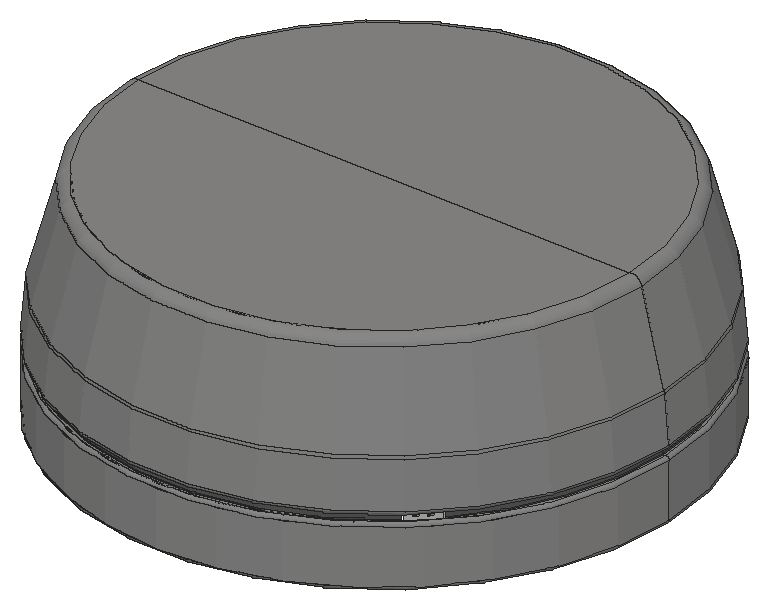
Revit family "Seating-Medium_CAL133-Teknion-STBCJ_With_USB_Qui-R2014", category Furniture, Revit 2014
Parameters (values of type "Medium With USB")
  Width = 44.500"
  Warranty = "http://www.teknionstudio.com/pdfs/Teknion%20Studio%20Warranty.pdf"
  Voltage = 125 V
  Unit Weight = 155.00 lbf
  URL = "www.teknionstudio.com"
  Top Upholstery Finish [instance] = Fabric - Teknion - F206 - Full Wool - Fantasme
  Thread Finish [instance] = Thread - Teknion - Black
  Series = "Studio"
  Product Line = "Qui"
  Product Documentation Link = "http://www.teknionstudio.com/pricing/STBCJ_ppg.pdf"
  Power Factor = 1
  Part Number = "STBCJ"
  Number of Poles = 1
  No Casters = no
  Model = "STBCJ6"
  Mid Upholstery Finish [instance] = Fabric - Teknion - F212 - Full Wool - Ink
  Manufacturer Phone = "919-464-2920"
  Manufacturer Fax = "919-464-2927"
  Manufacturer Email = "customersupport@teknionstudio.com"
  Manufacturer Address = "3941 US 70 Business HWY West, Clayton, NC 27520"
  Manufacturer = "Studio TK"
  Low Emitting Material = yes
  Low Emitting Finish = yes
  Height = 17.3001"
  Designation = "CAL 133"  # constant formula
  Description = "Qui Large Ottoman - Upholstered Mid Panel - CAL 133, w/USB Power - 44.5\"dia x 18\"h / 113cm x 46cm"
  Depth = 44.500"
  Connector Description = "Power Connector"
  Base Upholstery Finish [instance] = Fabric - Teknion - F206 - Full Wool - Fantasme
  Assembly Code = "E2020200"
  Apparent Load = 1250 VA
Reference planes (in)
  plane 1 "Center F/B": y = 0
  plane 2: z = 0
  plane 3 "Center L/R": x = 0
  plane 4 "Left": x = -22.25
  plane 5 "Right": x = 22.25
  plane 6 "Back": y = 22.25
  plane 7 "Front": y = -22.25
  plane 8 "Top": z = 17.3001
  plane 9 "Mid Top": z = 5.99
  plane 10 "Mid Bottom": z = 5.4351
  plane 11 "Bottom": z = 0.75
  plane 12: y = -10.5
  plane 13: through (0, 0, 48) normal (-0.5, 0.866, 0)
  plane 14: through (0, 0, 48) normal (0.5, 0.866, 0)
  plane 15 "Wheel Mid Plane": z = 1.19
  plane 16 "Thread 2": z = 16.6501
  plane 17 "Thread 3": x = -0.325
  plane 18 "Thread 4": x = 0.325
  plane 19: x = -3.725
  plane 20: x = 3.725
Forms (in)
  Revolve 1, solid, material "Fabric - Teknion - F206 - Full Wool - Fantasme" <- "Base Upholstery Finish"
    sketch origin (0, 0, 0) x (1, 0, 0) y (0, 0, 1)
      loop
        line (0, 5.4351) -> (-22, 5.4351)
        arc (-22, 5.4351) -> (-22.17678, 5.36188) -> (-22.25, 5.1851) r 0.25
        line (-22.25, 5.1851) -> (-22.25, 1)
        arc (-22.25, 1) -> (-22.17678, 0.82322) -> (-22, 0.75) r 0.25
        line (-22, 0.75) -> (0, 0.75) -> (0, 5.4351)
      axis (0, 5.4351) -> (0, 0.75)
    angle from 0 to 360
  Revolve 2, solid, material "Fabric - Teknion - F212 - Full Wool - Ink" <- "Mid Upholstery Finish"
    sketch origin (0, 0, 0) x (1, 0, 0) y (0, 0, 1)
      loop
        arc (-21.65, 6.0501) -> (-21.72071, 6.02081) -> (-21.75, 5.9501) r 0.1
        line (-21.75, 5.9501) -> (-21.75, 5.47013)
        arc (-21.75, 5.47013) -> (-21.72067, 5.39933) -> (-21.64987, 5.37) r 0.10013
        line (-21.64987, 5.37) -> (0, 5.37) -> (0, 6.0501) -> (-21.65, 6.0501)
      axis (0, 6.0501) -> (0, 5.37)
    angle from 0 to 360
  Revolve 3, solid, material "Fabric - Teknion - F206 - Full Wool - Fantasme" <- "Top Upholstery Finish"
    sketch origin (0, 0, 0) x (1, 0, 0) y (0, 0, 1)
      loop
        line (0, 17.3001) -> (0, 5.99) -> (21.98328, 5.99)
        arc (21.98328, 5.99) -> (22.1676, 6.0711) -> (22.23233, 6.26179) r 0.25
        line (22.23233, 6.26179) -> (21.92651, 9.75731)
        arc (21.92651, 9.75731) -> (21.91114, 9.87407) -> (21.88565, 9.98906) r 1.35
        line (21.88565, 9.98906) -> (20.1054, 16.63304)
        arc (20.1054, 16.63304) -> (19.78395, 17.11412) -> (19.23607, 17.3001) r 0.9
        line (19.23607, 17.3001) -> (0, 17.3001)
      axis (0, 5.99) -> (0, 17.3001)
    angle from 0 to 360
  Revolve 4, solid, material "Plastic - Teknion - E - Ebony"
    sketch origin (0, -9.5, 0) x (0, 1, 0) y (0, 0, 1)
      loop
        line (-10.5, 0) -> (-10.5, 0.75) -> (-11, 0.75) -> (-10.89982, 0) -> (-10.5, 0)
      axis (-10.5, 0) -> (-10.5, 0.75)
    angle from 0 to 360
  Revolve 5, solid, material "Plastic - Teknion - E - Ebony"
    sketch origin (-8.22724, -4.75, 0) x (0.866025, 0.5, 0) y (0, 0, 1)
      loop
        line (-10.5, 0) -> (-10.5, 0.75) -> (-11, 0.75) -> (-10.89982, 0) -> (-10.5, 0)
      axis (-10.5, 0) -> (-10.5, 0.75)
    angle from 0 to 360
  Revolve 6, solid, material "Plastic - Teknion - E - Ebony"
    sketch origin (-8.22724, 4.75, 0) x (0.866025, -0.5, 0) y (0, 0, 1)
      loop
        line (-10.5, 0) -> (-10.5, 0.75) -> (-11, 0.75) -> (-10.89982, 0) -> (-10.5, 0)
      axis (-10.5, 0) -> (-10.5, 0.75)
    angle from 0 to 360
  Revolve 7, solid, material "Plastic - Teknion - E - Ebony"
    sketch origin (0, 9.5, 0) x (0, -1, 0) y (0, 0, 1)
      loop
        line (-10.5, 0) -> (-10.5, 0.75) -> (-11, 0.75) -> (-10.89982, 0) -> (-10.5, 0)
      axis (-10.5, 0) -> (-10.5, 0.75)
    angle from 0 to 360
  Revolve 8, solid, material "Plastic - Teknion - E - Ebony"
    sketch origin (8.22724, 4.75, 0) x (-0.866025, -0.5, 0) y (0, 0, 1)
      loop
        line (-10.5, 0) -> (-10.5, 0.75) -> (-11, 0.75) -> (-10.89982, 0) -> (-10.5, 0)
      axis (-10.5, 0) -> (-10.5, 0.75)
    angle from 0 to 360
  Revolve 9, solid, material "Plastic - Teknion - E - Ebony"
    sketch origin (8.22724, -4.75, 0) x (-0.866025, 0.5, 0) y (0, 0, 1)
      loop
        line (-10.5, 0) -> (-10.5, 0.75) -> (-11, 0.75) -> (-10.89982, 0) -> (-10.5, 0)
      axis (-10.5, 0) -> (-10.5, 0.75)
    angle from 0 to 360
  Sweep 10, void
    path origin (0, 0, 0) x (1, 0, 0) y (0, 0, 1)
      loop
        line (0, 10) -> (0, 0)
    profile origin (0, 0, 5) x (0, -1, 0) y (1, 0, 0)
      loop
        line (17.52211, 15.55635) -> (15.55635, 17.52211) -> (10.46549, 12.43125)
        arc (10.46549, 12.43125) -> (5.57022, 15.26549) -> (0, 16.25) r 16.25
        arc (0, 16.25) -> (-5.57022, 15.26549) -> (-10.46549, 12.43125) r 16.25
        line (-10.46549, 12.43125) -> (-15.55635, 17.52211) -> (-17.52211, 15.55635) -> (-12.43125, 10.46549)
        arc (-12.43125, 10.46549) -> (-16.25, 0) -> (-12.43125, -10.46549) r 16.25
        line (-12.43125, -10.46549) -> (-17.52211, -15.55635) -> (-15.55635, -17.52211) -> (-10.46549, -12.43125)
        arc (-10.46549, -12.43125) -> (-5.57022, -15.26549) -> (0, -16.25) r 16.25
        arc (0, -16.25) -> (5.57022, -15.26549) -> (10.46549, -12.43125) r 16.25
        line (10.46549, -12.43125) -> (15.55635, -17.52211) -> (17.52211, -15.55635) -> (12.43125, -10.46549)
        arc (12.43125, -10.46549) -> (16.25, 0) -> (12.43125, 10.46549) r 16.25
        line (12.43125, 10.46549) -> (17.52211, 15.55635)
  Sweep 11, solid, material "Metal - Teknion - C9 - Polished Aluminum"
    path origin (0, 0, 0) x (1, 0, 0) y (0, 0, 1)
      loop
        line (0, 6.0501) -> (0, 5.37)
    profile origin (0, 0, 5.71005) x (0, -1, 0) y (1, 0, 0)
      loop
        line (13.96468, -15.8569) -> (14.34462, -16.23684)
        arc (14.34462, -16.23684) -> (14.41311, -16.26605) -> (14.48276, -16.23972) r 0.0998
        arc (14.48276, -16.23972) -> (15.3794, -15.37975) -> (16.23939, -14.48312) r 29.78
        arc (16.23939, -14.48312) -> (16.26585, -14.41312) -> (16.23649, -14.34427) r 0.10032
        line (16.23649, -14.34427) -> (15.8569, -13.96468) -> (15.81235, -14.00923) -> (16.21936, -14.41624)
        arc (16.21936, -14.41624) -> (15.33715, -15.33715) -> (14.41624, -16.21936) r 29.72
        line (14.41624, -16.21936) -> (14.00923, -15.81235) -> (13.96468, -15.8569)
      loop
        line (13.96468, 15.8569) -> (14.00923, 15.81235) -> (14.41624, 16.21936)
        arc (14.41624, 16.21936) -> (15.33715, 15.33715) -> (16.21936, 14.41624) r 29.72
        line (16.21936, 14.41624) -> (15.81235, 14.00923) -> (15.8569, 13.96468) -> (16.23649, 14.34427)
        arc (16.23649, 14.34427) -> (16.26585, 14.41312) -> (16.23939, 14.48312) r 0.10032
        arc (16.23939, 14.48312) -> (15.3794, 15.37975) -> (14.48276, 16.23972) r 29.78
        arc (14.48276, 16.23972) -> (14.41311, 16.26605) -> (14.34462, 16.23684) r 0.0998
        line (14.34462, 16.23684) -> (13.96468, 15.8569)
      loop
        line (-13.96468, -15.8569) -> (-14.00923, -15.81235) -> (-14.41624, -16.21936)
        arc (-14.41624, -16.21936) -> (-15.33715, -15.33715) -> (-16.21936, -14.41624) r 29.72
        line (-16.21936, -14.41624) -> (-15.81235, -14.00923) -> (-15.8569, -13.96468) -> (-16.23649, -14.34427)
        arc (-16.23649, -14.34427) -> (-16.26585, -14.41312) -> (-16.23939, -14.48312) r 0.10032
        arc (-16.23939, -14.48312) -> (-15.3794, -15.37975) -> (-14.48276, -16.23972) r 29.78
        arc (-14.48276, -16.23972) -> (-14.41311, -16.26605) -> (-14.34462, -16.23684) r 0.0998
        line (-14.34462, -16.23684) -> (-13.96468, -15.8569)
      loop
        line (-13.96468, 15.8569) -> (-14.34462, 16.23684)
        arc (-14.34462, 16.23684) -> (-14.41311, 16.26605) -> (-14.48276, 16.23972) r 0.0998
        arc (-14.48276, 16.23972) -> (-15.3794, 15.37975) -> (-16.23939, 14.48312) r 29.78
        arc (-16.23939, 14.48312) -> (-16.26585, 14.41312) -> (-16.23649, 14.34427) r 0.10032
        line (-16.23649, 14.34427) -> (-15.8569, 13.96468) -> (-15.81235, 14.00923) -> (-16.21936, 14.41624)
        arc (-16.21936, 14.41624) -> (-15.33715, 15.33715) -> (-14.41624, 16.21936) r 29.72
        line (-14.41624, 16.21936) -> (-14.00923, 15.81235) -> (-13.96468, 15.8569)
  Sweep 12, void
    path origin (0, 0, 0) x (0, 1, 0) y (0, 0, 1)
      loop
        line (0, 5.81) -> (0, 5.61)
    profile origin (0, 0, 5.71) x (1, 0, 0) y (0, 1, 0)
      loop
        line (-21.22635, 21.52402) -> (0, 0.29767) -> (21.22635, 21.52402)
        arc (21.22635, 21.52402) -> (21.04587, 21.70048) -> (20.86392, 21.87542) r 30
        line (20.86392, 21.87542) -> (0, 1.0115) -> (-20.86392, 21.87542)
        arc (-20.86392, 21.87542) -> (-21.04587, 21.70048) -> (-21.22635, 21.52402) r 30
      loop
        line (-21.87542, 20.86392) -> (-1.0115, 0) -> (-21.87542, -20.86392)
        arc (-21.87542, -20.86392) -> (-21.70048, -21.04587) -> (-21.52402, -21.22635) r 30
        line (-21.52402, -21.22635) -> (-0.29767, 0) -> (-21.52402, 21.22635)
        arc (-21.52402, 21.22635) -> (-21.70048, 21.04587) -> (-21.87542, 20.86392) r 30
      loop
        arc (21.87542, 20.86392) -> (21.70048, 21.04587) -> (21.52402, 21.22635) r 30
        line (21.52402, 21.22635) -> (0.29767, 0) -> (21.52402, -21.22635)
        arc (21.52402, -21.22635) -> (21.70048, -21.04587) -> (21.87542, -20.86392) r 30
        line (21.87542, -20.86392) -> (1.0115, 0) -> (21.87542, 20.86392)
      loop
        line (21.22635, -21.52402) -> (0, -0.29767) -> (-21.22635, -21.52402)
        arc (-21.22635, -21.52402) -> (-21.04587, -21.70048) -> (-20.86392, -21.87542) r 30
        line (-20.86392, -21.87542) -> (0, -1.0115) -> (20.86392, -21.87542)
        arc (20.86392, -21.87542) -> (21.04587, -21.70048) -> (21.22635, -21.52402) r 30
Cuts and joins
  Sweep 10 cuts Revolve 2
  Sweep 12 cuts Sweep 11
Lines and regions (in)
  Masking region 1
    outline origin (0, 0, 17.3001) x (-1, 0, 0) y (0, -1, 0)
      loop
        circle (0, 0) r 22.25
  symbolic lines, detail levels fine
    curve 1: circle (0, 0, 17.3001) r 21.75 normal (0, 0, 1)
  symbolic lines, detail levels medium+fine
    curve 2: circle (0, 0, 17.3001) r 20.1 normal (0, 0, 1)
  symbolic lines
    curve 3: circle (0, 0, 17.3001) r 19.6 normal (0, 0, 1)
  model lines, detail levels medium+fine
    curve 4: arc (0.325, -20.09737, 16.6501) -> (2.03236, -19.99699, 16.6501) -> (3.725, -19.75182, 16.6501) r 20.1
    curve 5: arc (-3.725, -19.75182, 16.6501) -> (-2.03236, -19.99699, 16.6501) -> (-0.325, -20.09737, 16.6501) r 20.1
    curve 7: line (-0.325, -20.10035, 16.6501) -> (-0.325, -21.89438, 9.95469)
    curve 8: line (-0.325, -22.22955, 6.24243) -> (-0.325, -21.94419, 9.50408)
    curve 9: arc (-0.325, -21.89438, 9.95469) -> (-0.325, -21.92161, 9.72964) -> (-0.325, -21.94419, 9.50408) r 11
    curve 10: arc (-0.325, -22.22955, 6.24243) -> (-0.325, -22.15562, 6.06393) -> (-0.325, -21.97712, 5.99) r 0.25243
    curve 11: line (-0.325, -22.25, 5.19389) -> (-0.325, -22.25, 1.00401)
    curve 12: arc (-0.325, -22.25, 1.00401) -> (-0.325, -22.1756, 0.8244) -> (-0.325, -21.99599, 0.75) r 0.25401
    curve 13: arc (-0.325, -22.25, 5.19389) -> (-0.325, -22.18367, 5.36175) -> (-0.325, -22.01808, 5.43354) r 0.23582
    curve 14: line (0.325, -20.10035, 16.6501) -> (0.325, -21.89438, 9.95469)
    curve 15: line (0.325, -22.22955, 6.24243) -> (0.325, -21.94419, 9.50408)
    curve 16: arc (0.325, -21.89438, 9.95469) -> (0.325, -21.92161, 9.72964) -> (0.325, -21.94419, 9.50408) r 11
    curve 17: arc (0.325, -22.22955, 6.24243) -> (0.325, -22.15562, 6.06393) -> (0.325, -21.97712, 5.99) r 0.25243
    curve 18: line (0.325, -22.25, 5.19389) -> (0.325, -22.25, 1.00401)
    curve 19: arc (0.325, -22.25, 1.00401) -> (0.325, -22.1756, 0.8244) -> (0.325, -21.99599, 0.75) r 0.25401
    curve 20: arc (0.325, -22.25, 5.19389) -> (0.325, -22.18367, 5.36175) -> (0.325, -22.01808, 5.43354) r 0.23582
  model lines, detail levels fine
    curve 6: arc (-3.725, -19.24277, 17.3001) -> (0, -19.6, 17.3001) -> (3.725, -19.24277, 17.3001) r 19.6
Dimensions and locks (in)
  "Height": plane 8 "Top" to level
  equal spacing: plane 4 "Left", plane 3 "Center L/R", plane 5 "Right"
  "Width": plane 4 "Left" to plane 5 "Right"
  equal spacing: plane 6 "Back", plane 1 "Center F/B", plane 7 "Front"
  "Depth": plane 6 "Back" to plane 7 "Front"
  locked: plane 3 "Center L/R" to Revolve 2 sketch curve at 21.75
  locked: plane 15 "Wheel Mid Plane" to plane 2 at 1.19
  plane 18 "Thread 4" to plane 3 "Center L/R" to plane 17 "Thread 3" = 0.325", 0.325"
  locked: plane 18 "Thread 4" to plane 17 "Thread 3" at 0.65
  Revolve 2 sketch curve to Revolve 2 sketch curve to Revolve 2 sketch curve to Revolve 2 sketch curve to plane 2 = 0.100" locked, 0.47997" locked, 0.10013" locked, 5.370" locked
  equal spacing: plane 19, plane 3 "Center L/R", plane 20
  locked: plane 19 to plane 20 at 7.45
  plane 11 "Bottom" to plane 2 = 0.750"
  locked: plane 8 "Top" to plane 16 "Thread 2" at 0.65
  Sweep 11 sketch curve to Sweep 11 sketch curve to Sweep 11 sketch curve to Sweep 11 sketch curve = 0.063" locked, 2.550" locked, 0.063" locked  (x4)
  Sweep 11 sketch curve to plane 3 "Center L/R" to Sweep 11 sketch curve = 5.67807" locked, 5.67807" locked  (x2)
  Sweep 11 sketch curve to plane 1 "Center F/B" to Sweep 11 sketch curve = 5.67807" locked, 5.67807" locked  (x2)
  plane 9 "Mid Top" to Sweep 12 sketch curve to Sweep 12 sketch curve = 0.180" locked, 0.200" locked
  Sweep 12 sketch curve to Sweep 12 sketch curve to Sweep 12 sketch curve to Sweep 12 sketch curve = 0.50476" locked, 0.42097" locked, 0.50476" locked  (x4)
  Sweep 12 sketch curve to plane 3 "Center L/R" to Sweep 12 sketch curve = 0.29767" locked, 0.29767" locked
  Sweep 11 sketch curve to plane 9 "Mid Top" to Sweep 11 sketch curve = 0.0601" locked, 0.620" locked
  radius of curve 1 = 21.750"
  radius of curve 2 = 20.100"
  radius of curve 3 = 19.600"
  radius of curve 13 = 0.23582"
  radius of curve 10 = 0.25243"
  radius of curve 12 = 0.25401"
  radius of curve 6 = 19.600"
  radius of curve 4 = 20.100"
  radius of Masking region 1 sketch curve = 22.250"
  locked: plane 5 "Right" to Revolve 3 sketch curve (angle 15.00°)
  locked: plane 5 "Right" to Revolve 3 sketch curve (angle 5.00°)
  locked: curve 5 to curve 5 (angle 9.75352°)
  locked: curve 4 to curve 4 (angle 9.75352°)
  angle plane 7 "Front" to curve 7 = 15.00°
  locked: plane 7 "Front" to curve 8 (angle 5.00°)
  aligned and locked: level to plane 2
  aligned and locked: plane 8 "Top" to Revolve 1 sketch curve
  aligned and locked: plane 2 to Revolve 1 sketch curve
  aligned and locked: Revolve 1 sketch curve to plane 3 "Center L/R"  (x2)
  aligned and locked: Revolve 1 sketch curve to plane 4 "Left"
  aligned and locked: Revolve 1 sketch curve to plane 11 "Bottom"
  aligned and locked: plane 10 "Mid Bottom" to Revolve 1 sketch curve
  aligned and locked: plane 8 "Top" to Revolve 2 sketch curve
  aligned and locked: plane 2 to Revolve 2 sketch curve
  aligned and locked: Revolve 2 sketch curve to plane 3 "Center L/R"  (x2)
  aligned and locked: plane 8 "Top" to Revolve 3 sketch curve
  aligned and locked: plane 2 to Revolve 3 sketch curve
  aligned and locked: plane 3 "Center L/R" to Revolve 3 sketch curve
  aligned and locked: Revolve 3 sketch curve to plane 8 "Top"
  aligned and locked: Revolve 3 sketch curve to plane 9 "Mid Top"
  aligned and locked: Revolve 3 sketch curve to plane 3 "Center L/R"
  aligned and locked: curve 4 to curve 5
  aligned and locked: curve 7 to curve 14
  aligned and locked: curve 16 to curve 9
  aligned and locked: curve 15 to curve 8
  aligned and locked: curve 17 to curve 10
  aligned and locked: curve 20 to curve 13
  aligned and locked: curve 18 to curve 11
  aligned and locked: curve 19 to curve 12
  aligned and locked: curve 5 to curve 7
  aligned and locked: curve 4 to curve 14
  aligned and locked: curve 7 to curve 4
  aligned and locked: plane 19 to curve 6
  aligned and locked: plane 20 to curve 4
  aligned and locked: plane 20 to curve 6
  aligned and locked: plane 3 "Center L/R" to Masking region 1 sketch curve
  aligned and locked: plane 1 "Center F/B" to Masking region 1 sketch curve
  aligned and locked: plane 1 "Center F/B" to curve 2
  aligned and locked: plane 3 "Center L/R" to curve 2
  aligned and locked: plane 1 "Center F/B" to curve 1
  aligned and locked: plane 3 "Center L/R" to curve 1
  aligned and locked: plane 1 "Center F/B" to curve 3
  aligned and locked: plane 3 "Center L/R" to curve 3
  aligned and locked: Sweep 11 sketch curve to Sweep 11 sketch curve  (x4)
  aligned and locked: Sweep 12 sketch curve to plane 1 "Center F/B"
  aligned and locked: Sweep 11 sketch curve to plane 3 "Center L/R"
  aligned and locked: plane 1 "Center F/B" to Sweep 10 sketch curve  (x6)
  aligned and locked: plane 3 "Center L/R" to Sweep 10 sketch curve  (x6)
Automatic sketch dimensions
  plane 4 "Left" to Revolve 1 sketch curve = 0.250"
  plane 11 "Bottom" to Revolve 1 sketch curve = 0.250"
  Revolve 3 sketch curve to plane 5 "Right" = 0.01767"
  plane 9 "Mid Top" to Revolve 3 sketch curve = 0.27179"
  Revolve 3 sketch curve to plane 8 "Top" = 0.66706"
  Revolve 3 sketch curve to Revolve 3 sketch curve = 0.86933"
  Revolve 3 sketch curve to plane 5 "Right" = 0.36435"
  Revolve 3 sketch curve to Revolve 3 sketch curve = 0.04086"
  Revolve 3 sketch curve to plane 5 "Right" = 0.26672"
  Revolve 3 sketch curve to Revolve 3 sketch curve = 1.34486"
  Revolve 3 sketch curve to Revolve 3 sketch curve = 0.23175"
  Revolve 4 sketch curve to Revolve 4 sketch curve = 0.10018"
  Revolve 4 sketch curve to Revolve 4 sketch curve = 0.39982"
  Revolve 4 sketch curve to Revolve 4 sketch curve = 0.000"  (x2)
  Revolve 4 sketch curve to Revolve 4 sketch curve = 0.750"
  Revolve 4 sketch curve to Revolve 4 sketch curve = 16.5501"
  Revolve 5 sketch curve to Revolve 5 sketch curve = 0.10018"
  Revolve 5 sketch curve to Revolve 5 sketch curve = 0.39982"
  Revolve 5 sketch curve to Revolve 5 sketch curve = 0.000"  (x2)
  Revolve 5 sketch curve to Revolve 5 sketch curve = 0.750"
  Revolve 5 sketch curve to Revolve 5 sketch curve = 16.5501"
  Revolve 6 sketch curve to Revolve 6 sketch curve = 0.10018"
  Revolve 6 sketch curve to Revolve 6 sketch curve = 0.39982"
  Revolve 6 sketch curve to Revolve 6 sketch curve = 0.000"  (x2)
  Revolve 6 sketch curve to Revolve 6 sketch curve = 0.750"
  Revolve 6 sketch curve to Revolve 6 sketch curve = 16.5501"
  Revolve 7 sketch curve to Revolve 7 sketch curve = 0.10018"
  Revolve 7 sketch curve to Revolve 7 sketch curve = 0.39982"
  Revolve 7 sketch curve to Revolve 7 sketch curve = 0.000"  (x2)
  Revolve 7 sketch curve to Revolve 7 sketch curve = 0.750"
  Revolve 7 sketch curve to Revolve 7 sketch curve = 16.5501"
  Revolve 8 sketch curve to Revolve 8 sketch curve = 0.10018"
  Revolve 8 sketch curve to Revolve 8 sketch curve = 0.39982"
  Revolve 8 sketch curve to Revolve 8 sketch curve = 0.000"  (x2)
  Revolve 8 sketch curve to Revolve 8 sketch curve = 0.750"
  Revolve 8 sketch curve to Revolve 8 sketch curve = 16.5501"
  Revolve 9 sketch curve to Revolve 9 sketch curve = 0.10018"
  Revolve 9 sketch curve to Revolve 9 sketch curve = 0.39982"
  Revolve 9 sketch curve to Revolve 9 sketch curve = 0.000"  (x2)
  Revolve 9 sketch curve to Revolve 9 sketch curve = 0.750"
  Revolve 9 sketch curve to Revolve 9 sketch curve = 16.5501"
  curve 13 to plane 10 "Mid Bottom" = 0.00156"
  curve 18 to plane 7 "Front" = 0.000"
  curve 18 to plane 15 "Wheel Mid Plane" = 0.18599"
  curve 14 to plane 7 "Front" = 0.35562"
  curve 19 to plane 11 "Bottom" = 0.000"
  curve 17 to plane 9 "Mid Top" = 0.000"
  curve 14 to plane 16 "Thread 2" = 0.000"
  curve 18 to plane 10 "Mid Bottom" = 0.24121"
  curve 15 to plane 7 "Front" = 0.02045"
  plane 9 "Mid Top" to curve 15 = 0.25243"
  curve 15 to plane 7 "Front" = 0.30581"
  curve 17 to curve 15 = 3.26165"
  curve 16 to curve 14 = 0.45061"
  curve 18 to curve 20 = 0.00386"
  curve 20 to plane 10 "Mid Bottom" = 0.00156"
  curve 16 to plane 12 = 0.48821"
  curve 14 to plane 7 "Front" = 2.14965"
  curve 20 to curve 18 = 0.23579"
  plane 1 "Center F/B" to curve 5 = 0.000"
  curve 1 to curve 6 = 0.000"  (x2)
  Sweep 10 sketch curve to level = 0.000"
  Sweep 10 sketch curve to plane 3 "Center L/R" = 0.000"
  plane 9 "Mid Top" to Sweep 10 sketch curve = 4.010"
  Sweep 10 sketch curve to profile plane = 17.52211"
  Sweep 10 sketch curve to Sweep 10 sketch curve = 1.96576"  (x9)
  Sweep 10 sketch curve to Sweep 10 sketch curve = 5.09086"  (x5)
  profile plane to Sweep 10 sketch curve = 10.46549"  (x2)
  Sweep 10 sketch curve to profile plane = 15.55635"
  profile plane to Sweep 10 sketch curve = 15.55635"
  profile plane to Sweep 10 sketch curve = 17.52211"
  Sweep 11 sketch curve to Sweep 11 sketch curve = 0.000"  (x14)
  Sweep 11 sketch curve to Sweep 11 sketch curve = 0.01713"  (x2)
  Sweep 11 sketch curve to Sweep 11 sketch curve = 0.37959"  (x2)
  Sweep 11 sketch curve to profile plane = 14.00923"
  Sweep 11 sketch curve to Sweep 11 sketch curve = 0.04455"  (x4)
  profile plane to Sweep 11 sketch curve = 14.00923"
  Sweep 11 sketch curve to Sweep 11 sketch curve = 0.07162"  (x4)
  profile plane to Sweep 11 sketch curve = 13.96468"  (x2)
  Sweep 11 sketch curve to Sweep 11 sketch curve = 0.37994"  (x2)
  Sweep 11 sketch curve to Sweep 11 sketch curve = 0.40701"
  profile plane to Sweep 11 sketch curve = 14.41624"
  Sweep 11 sketch curve to profile plane = 14.34427"
  profile plane to Sweep 11 sketch curve = 14.34427"
  Sweep 11 sketch curve to Sweep 11 sketch curve = 0.02003"  (x4)
  Sweep 11 sketch curve to Sweep 11 sketch curve = 0.0538"  (x4)
  Sweep 11 sketch curve to Sweep 11 sketch curve = 0.06652"  (x4)
  Sweep 11 sketch curve to Sweep 11 sketch curve = 0.00104"  (x4)
  Sweep 12 sketch curve to Sweep 12 sketch curve = 0.000"  (x8)
  Sweep 12 sketch curve to Sweep 12 sketch curve = 0.35141"  (x4)
  Sweep 12 sketch curve to Sweep 12 sketch curve = 0.29767"  (x4)
  Sweep 12 sketch curve to Sweep 12 sketch curve = 0.36242"
  profile plane to Sweep 12 sketch curve = 0.000"
  Sweep 12 sketch curve to plane 3 "Center L/R" = 0.1625"  (x2)
  Sweep 12 sketch curve to plane 3 "Center L/R" = 0.000"
  plane 3 "Center L/R" to Sweep 12 sketch curve = 0.000"
  Sweep 12 sketch curve to Sweep 12 sketch curve = 0.13517"  (x5)
Connectors (in)
  electrical at (0, 0, 0.75), driven by "Number of Poles", driven by "Voltage", driven by "Apparent Load", driven by "Power Factor", driven by "Connector Description"
    settings: index 1, voltage 125 V, apparent load 1250 VA, apparent load phase1 0 VA, apparent load phase2 0 VA, apparent load phase3 0 VA, power factor 1, load classification "Other", number of poles 1, system type 30, power factor state 1, is connector primary yes, connector utility no, sub classification motor no, connector description "Power Connector"
